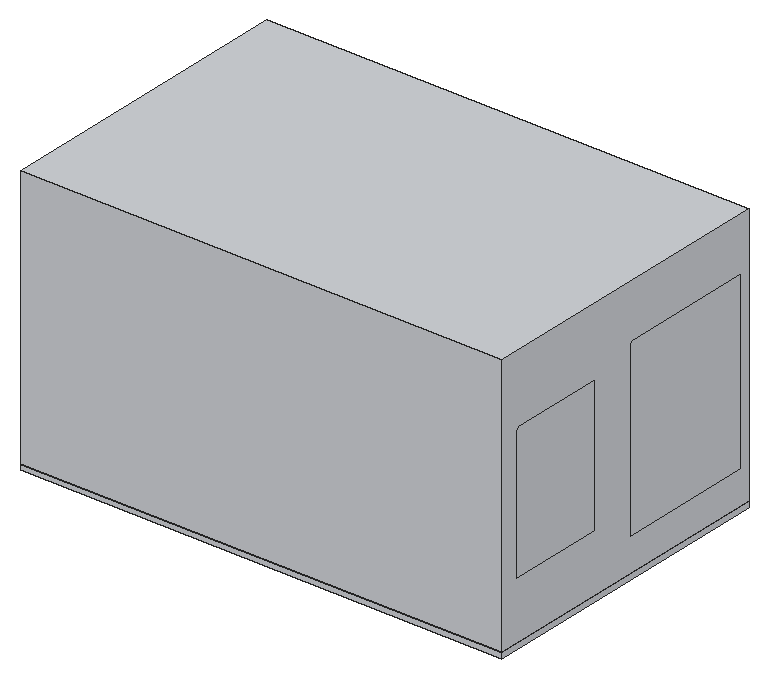
Revit family "AHU 9 _9", category Mechanické zařízení, Revit 2018
Family settings
  Kóta kulaté spojky = Použít průměr
  Typ dílu = Normální
  Číslo OmniClass = 23.75.00.00
  Nadpis OmniClass = Climate Control (HVAC)
  Založené na pracovní rovině = Ne
  Vždy vertikální = Ano
  Ořezat dutým tvarem při načtení = Ne
  Sdílené = Ne
  Bod výpočtu místnosti = Ne
Parameters (values of type "DUPLEXVENT 6500 Multi Eco")
  Width [instance] = 1.6 mm
  Weight [instance] = 572.00 kg
  URL = ""
  Type [instance] = "DUPLEXVENT 6500 Multi Eco"
  Total_SFP [instance] = 0
  Supply_outlet_hum [instance] = 90
  Supply_inlet_hum [instance] = 90
  Supply_ext_pressure [instance] = 0.0 Pa
  Supply_SFP [instance] = 0
  Source_adu_file [instance] = ""
  Recuperation_type [instance] = "Plate heat recovery exchanger"
  Recuperation_efficiency_EN308 [instance] = 0
  Project_name [instance] = ""
  Project_date [instance] = "10.8.2023"
  Power_supply_fusing [instance] = "0"
  Power_supply_cable [instance] = "0"
  Position [instance] = "AHU 9 "
  Phases_count [instance] = 3
  Panel_thickness [instance] = 0.06 mm
  Outer_surface [instance] = "RAL 9002"
  Length [instance] = 2.5 mm
  Insulation_type [instance] = "PUR"
  Insulation_thickness [instance] = 0.05 mm
  Installation_environment [instance] = ""
  Input_power_max [instance] = 6600 W
  Inner_surface [instance] = "Pozink"
  I2 [instance] = I1  # 0.0 L/s
  Height [instance] = 1.39 mm
  Exhaust_outlet_hum [instance] = 0
  Exhaust_inlet_hum [instance] = 40
  Exhaust_ext_pressure [instance] = 0.0 Pa
  Exhaust_SFP [instance] = 0
  E1 [instance] = E2 - M1  # 0.0 L/s
  E2 [instance] = 0.0 L/s
  I1 [instance] = 0.0 L/s
  Description = ""
  M1 [instance] = 0.0 L/s
  Device_dutypoint_version [instance] = "1"
  Device_design_version [instance] = "13"
  Device_adu_id [instance] = "9"
  Current_max [instance] = 10.8 A
  Casing_mat [instance] = "painted zinc layer"
  Cable type [instance] = "CYKY 5Jx2,5"
Reference planes
  plane 1 "Střed (vpředu/vzadu)": y = 0
  plane 2 "ref": z = 0
  plane 3 "Střed (vlevo/vpravo)": x = 0
Forms (mm)
  Sweep 1, solid
    path origin (0, 0, -1360) x (0, 0, 1) y (1, 0, 0)
      loop
        line (0, 0) -> (1360, 0)
    profile origin (0, 0, -1360) x (1, 0, 0) y (0, 1, 0)
      loop
        line (0, 0) -> (2500, 0) -> (2500, 1600) -> (0, 1600) -> (0, 0)
  Sweep 2, solid
    path origin (2499, 350, -710) x (1, 0, 0) y (0, 1, 0)
      loop
        line (0, 0) -> (1, 0)
    profile origin (2499, 350, -710) x (0, 1, 0) y (0, 0, 1)
      loop
        line (250, 350) -> (-250, 350) -> (-250, -350) -> (250, -350) -> (250, 350)
  Sweep 3, solid
    path origin (1, 1190, -735) x (0, 1, 0) y (-1, 0, 0)
      loop
        line (0, 0) -> (0, 1)
    profile origin (1, 1190, -735) x (0, -1, 0) y (0, 0, 1)
      loop
        line (-355, 450) -> (-355, -450) -> (355, -450) -> (355, 450) -> (-355, 450)
  Sweep 4, solid
    path origin (1, 350, -710) x (0, 1, 0) y (-1, 0, 0)
      loop
        line (0, 0) -> (0, 1)
    profile origin (1, 350, -710) x (0, -1, 0) y (0, 0, 1)
      loop
        line (-250, 350) -> (-250, -350) -> (250, -350) -> (250, 350) -> (-250, 350)
  Sweep 5, solid
    path origin (2499, 1190, -735) x (1, 0, 0) y (0, 1, 0)
      loop
        line (0, 0) -> (1, 0)
    profile origin (2499, 1190, -735) x (0, 1, 0) y (0, 0, 1)
      loop
        line (355, 450) -> (-355, 450) -> (-355, -450) -> (355, -450) -> (355, 450)
  Sweep 6, solid
    path origin (2433, 1533, -1360) x (0, -1, 0) y (0, 0, 1)
      loop
        line (0, 0) -> (0, -50)
    profile origin (2433, 1533, -1360) x (-1, 0, 0) y (0, -1, 0)
      loop
        circle (0, 0) r 34
  Sweep 7, solid
    path origin (1151, 1533, -1360) x (0, -1, 0) y (0, 0, 1)
      loop
        line (0, 0) -> (0, -50)
    profile origin (1151, 1533, -1360) x (-1, 0, 0) y (0, -1, 0)
      loop
        circle (0, 0) r 34
  Sweep 8, solid
    path origin (0, 0, -1390) x (0, 0, 1) y (1, 0, 0)
      loop
        line (0, 0) -> (25, 0)
    profile origin (0, 0, -1390) x (1, 0, 0) y (0, 1, 0)
      loop
        line (0, 0) -> (2500, 0) -> (2500, 1600) -> (0, 1600) -> (0, 0)
  Sweep 9, solid
    path origin (0, 0, -1283) x (0, 0, 1) y (1, 0, 0)
      loop
        line (0, 0) -> (305, 0)
    profile origin (0, 0, -1283) x (1, 0, 0) y (0, 1, 0)
      loop
        line (1420, 1600) -> (1825, 1600) -> (1825, 1690) -> (1420, 1690) -> (1420, 1600)
  Sweep 10, solid
    path origin (1420, 1645, -1131) x (0, 0, -1) y (1, 0, 0)
      loop
        line (0, 0) -> (0, -1)
    profile origin (1420, 1645, -1131) x (0, 0, -1) y (0, -1, 0)
      loop
        circle (0, 0) r 10
Lines and regions (mm)
  model lines, style "Symbol"
    curve 1: line (1475, 0, 0) -> (1475, 320, 0)
    curve 2: line (1475, 1600, 0) -> (1475, 1280, 0)
    curve 3: line (0, 800, 0) -> (995, 800, 0)
    curve 4: line (2500, 800, 0) -> (1955, 800, 0)
    curve 5: line (995, 800, 0) -> (1235, 1280, 0)
    curve 6: line (1235, 1280, 0) -> (1715, 1280, 0)
    curve 7: line (1715, 1280, 0) -> (1955, 800, 0)
    curve 8: line (1955, 800, 0) -> (1715, 320, 0)
    curve 9: line (1715, 320, 0) -> (1475, 320, 0)
    curve 10: line (1475, 320, 0) -> (1235, 320, 0)
    curve 11: line (1235, 320, 0) -> (995, 800, 0)
    curve 12: line (352, 1086, 0) -> (96, 1130, 0)
    curve 13: line (352, 1314, 0) -> (96, 1270, 0)
    curve 14: line (2148, 1314, 0) -> (2404, 1270, 0)
    curve 15: line (2148, 1086, 0) -> (2404, 1130, 0)
    curve 16: line (2450, 640, 0) -> (2450, 160, 0)
    curve 17: line (2450, 160, 0) -> (2300, 160, 0)
    curve 18: line (2300, 160, 0) -> (2300, 640, 0)
    curve 19: line (2300, 640, 0) -> (2450, 640, 0)
    curve 20: line (2375, 640, 0) -> (2300, 400, 0)
    curve 21: line (2375, 160, 0) -> (2300, 400, 0)
    curve 22: line (50, 160, 0) -> (50, 640, 0)
    curve 23: line (50, 640, 0) -> (200, 640, 0)
    curve 24: line (200, 640, 0) -> (200, 160, 0)
    curve 25: line (200, 160, 0) -> (50, 160, 0)
    curve 26: line (125, 160, 0) -> (200, 400, 0)
    curve 27: line (125, 640, 0) -> (200, 400, 0)
    curve 28: line (1730, 316, 0) -> (1948, 744, 0)
    curve 29: line (1948, 744, 0) -> (2020, 708, 0)
    curve 30: line (2020, 708, 0) -> (1802, 280, 0)
    curve 31: line (1802, 280, 0) -> (1730, 316, 0)
    curve 32: line (1876, 584, 0) -> (1962, 612, 0)
    curve 33: line (1788, 412, 0) -> (1874, 440, 0)
    curve 34: line (2389, 1533, -1360) -> (2477, 1533, -1360)
    curve 35: line (2433, 1489, -1360) -> (2433, 1577, -1360)
    curve 36: line (1107, 1533, -1360) -> (1195, 1533, -1360)
    curve 37: line (1151, 1489, -1360) -> (1151, 1577, -1360)
    curve 38: line (2500, 0, -2890) -> (2500, 0, -1390)
    curve 39: line (0, 0, -2890) -> (0, 0, -1390)
    curve 40: line (2500, 0, -2890) -> (0, 0, -2890)
    curve 41: line (2500, 1600, -2890) -> (2500, 1600, -1390)
    curve 42: line (0, 1600, -2890) -> (0, 1600, -1390)
    curve 43: line (2500, 1600, -2890) -> (0, 1600, -2890)
    curve 44: line (2500, 0, -2890) -> (2500, 1600, -2890)
    curve 45: line (0, 0, -2890) -> (0, 1600, -2890)
    curve 46: line (2500, 1400, -2890) -> (2300, 1600, -2890)
    curve 47: line (2500, 1200, -2890) -> (2100, 1600, -2890)
    curve 48: line (2500, 1000, -2890) -> (1900, 1600, -2890)
    curve 49: line (2500, 800, -2890) -> (1700, 1600, -2890)
    curve 50: line (2500, 600, -2890) -> (1500, 1600, -2890)
    curve 51: line (2500, 400, -2890) -> (1300, 1600, -2890)
    curve 52: line (2500, 200, -2890) -> (1100, 1600, -2890)
    curve 53: line (2500, 0, -2890) -> (900, 1600, -2890)
    curve 54: line (2300, 0, -2890) -> (700, 1600, -2890)
    curve 55: line (2100, 0, -2890) -> (500, 1600, -2890)
    curve 56: line (1900, 0, -2890) -> (300, 1600, -2890)
    curve 57: line (1700, 0, -2890) -> (100, 1600, -2890)
    curve 58: line (1500, 0, -2890) -> (0, 1500, -2890)
    curve 59: line (1300, 0, -2890) -> (0, 1300, -2890)
    curve 60: line (1100, 0, -2890) -> (0, 1100, -2890)
    curve 61: line (900, 0, -2890) -> (0, 900, -2890)
    curve 62: line (700, 0, -2890) -> (0, 700, -2890)
    curve 63: line (500, 0, -2890) -> (0, 500, -2890)
    curve 64: line (300, 0, -2890) -> (0, 300, -2890)
    curve 65: line (100, 0, -2890) -> (0, 100, -2890)
    curve 66: line (0, 1400, -2890) -> (0, 1600, -2690)
    curve 67: line (0, 1200, -2890) -> (0, 1600, -2490)
    curve 68: line (0, 1000, -2890) -> (0, 1600, -2290)
    curve 69: line (0, 800, -2890) -> (0, 1600, -2090)
    curve 70: line (0, 600, -2890) -> (0, 1600, -1890)
    curve 71: line (0, 400, -2890) -> (0, 1600, -1690)
    curve 72: line (0, 200, -2890) -> (0, 1600, -1490)
    curve 73: line (0, 0, -2890) -> (0, 1500, -1390)
    curve 74: line (0, 0, -2690) -> (0, 1300, -1390)
    curve 75: line (0, 0, -2490) -> (0, 1100, -1390)
    curve 76: line (0, 0, -2290) -> (0, 900, -1390)
    curve 77: line (0, 0, -2090) -> (0, 700, -1390)
    curve 78: line (0, 0, -1890) -> (0, 500, -1390)
    curve 79: line (0, 0, -1690) -> (0, 300, -1390)
    curve 80: line (0, 0, -1490) -> (0, 100, -1390)
    curve 81: line (2500, 1600, -2690) -> (2300, 1600, -2890)
    curve 82: line (2500, 1600, -2490) -> (2100, 1600, -2890)
    curve 83: line (2500, 1600, -2290) -> (1900, 1600, -2890)
    curve 84: line (2500, 1600, -2090) -> (1700, 1600, -2890)
    curve 85: line (2500, 1600, -1890) -> (1500, 1600, -2890)
    curve 86: line (2500, 1600, -1690) -> (1300, 1600, -2890)
    curve 87: line (2500, 1600, -1490) -> (1100, 1600, -2890)
    curve 88: line (2400, 1600, -1390) -> (900, 1600, -2890)
    curve 89: line (2200, 1600, -1390) -> (700, 1600, -2890)
    curve 90: line (2000, 1600, -1390) -> (500, 1600, -2890)
    curve 91: line (1800, 1600, -1390) -> (300, 1600, -2890)
    curve 92: line (1600, 1600, -1390) -> (100, 1600, -2890)
    curve 93: line (1400, 1600, -1390) -> (0, 1600, -2790)
    curve 94: line (1200, 1600, -1390) -> (0, 1600, -2590)
    curve 95: line (1000, 1600, -1390) -> (0, 1600, -2390)
    curve 96: line (800, 1600, -1390) -> (0, 1600, -2190)
    curve 97: line (600, 1600, -1390) -> (0, 1600, -1990)
    curve 98: line (400, 1600, -1390) -> (0, 1600, -1790)
    curve 99: line (200, 1600, -1390) -> (0, 1600, -1590)
    curve 100: line (0, 2320, 0) -> (0, 1600, 0)
    curve 101: line (2500, 2320, 0) -> (2500, 1600, 0)
    curve 102: line (0, 2320, 0) -> (2500, 2320, 0)
    curve 103: line (0, 2320, -1360) -> (0, 1600, -1360)
    curve 104: line (2500, 2320, -1360) -> (2500, 1600, -1360)
    curve 105: line (0, 2320, -1360) -> (2500, 2320, -1360)
    curve 106: line (0, 2320, 0) -> (0, 2320, -1360)
    curve 107: line (2500, 2320, 0) -> (2500, 2320, -1360)
    curve 108: line (0, 2320, -1160) -> (200, 2320, -1360)
    curve 109: line (0, 2320, -960) -> (400, 2320, -1360)
    curve 110: line (0, 2320, -760) -> (600, 2320, -1360)
    curve 111: line (0, 2320, -560) -> (800, 2320, -1360)
    curve 112: line (0, 2320, -360) -> (1000, 2320, -1360)
    curve 113: line (0, 2320, -160) -> (1200, 2320, -1360)
    curve 114: line (40, 2320, 0) -> (1400, 2320, -1360)
    curve 115: line (240, 2320, 0) -> (1600, 2320, -1360)
    curve 116: line (440, 2320, 0) -> (1800, 2320, -1360)
    curve 117: line (640, 2320, 0) -> (2000, 2320, -1360)
    curve 118: line (840, 2320, 0) -> (2200, 2320, -1360)
    curve 119: line (1040, 2320, 0) -> (2400, 2320, -1360)
    curve 120: line (1240, 2320, 0) -> (2500, 2320, -1260)
    curve 121: line (1440, 2320, 0) -> (2500, 2320, -1060)
    curve 122: line (1640, 2320, 0) -> (2500, 2320, -860)
    curve 123: line (1840, 2320, 0) -> (2500, 2320, -660)
    curve 124: line (2040, 2320, 0) -> (2500, 2320, -460)
    curve 125: line (2240, 2320, 0) -> (2500, 2320, -260)
    curve 126: line (2440, 2320, 0) -> (2500, 2320, -60)
    curve 127: line (2500, 2320, -1160) -> (2500, 2120, -1360)
    curve 128: line (2500, 2320, -960) -> (2500, 1920, -1360)
    curve 129: line (2500, 2320, -760) -> (2500, 1720, -1360)
    curve 130: line (2500, 2320, -560) -> (2500, 1600, -1280)
    curve 131: line (2500, 2320, -360) -> (2500, 1600, -1080)
    curve 132: line (2500, 2320, -160) -> (2500, 1600, -880)
    curve 133: line (2500, 2280, 0) -> (2500, 1600, -680)
    curve 134: line (2500, 2080, 0) -> (2500, 1600, -480)
    curve 135: line (2500, 1880, 0) -> (2500, 1600, -280)
    curve 136: line (2500, 1680, 0) -> (2500, 1600, -80)
    curve 137: line (0, 2120, -1360) -> (200, 2320, -1360)
    curve 138: line (0, 1920, -1360) -> (400, 2320, -1360)
    curve 139: line (0, 1720, -1360) -> (600, 2320, -1360)
    curve 140: line (80, 1600, -1360) -> (800, 2320, -1360)
    curve 141: line (280, 1600, -1360) -> (1000, 2320, -1360)
    curve 142: line (480, 1600, -1360) -> (1200, 2320, -1360)
    curve 143: line (680, 1600, -1360) -> (1400, 2320, -1360)
    curve 144: line (880, 1600, -1360) -> (1600, 2320, -1360)
    curve 145: line (1080, 1600, -1360) -> (1800, 2320, -1360)
    curve 146: line (1280, 1600, -1360) -> (2000, 2320, -1360)
    curve 147: line (1480, 1600, -1360) -> (2200, 2320, -1360)
    curve 148: line (1680, 1600, -1360) -> (2400, 2320, -1360)
    curve 149: line (1880, 1600, -1360) -> (2500, 2220, -1360)
    curve 150: line (2080, 1600, -1360) -> (2500, 2020, -1360)
    curve 151: line (2280, 1600, -1360) -> (2500, 1820, -1360)
    curve 152: line (2480, 1600, -1360) -> (2500, 1620, -1360)
    curve 153: line (0, 0, -1365) -> (0, 1600, -1365)
    curve 154: line (0, 1600, -1365) -> (1120, 1600, -1365)
    curve 155: line (1120, 1600, -1365) -> (1120, 0, -1365)
    curve 156: line (1120, 0, -1365) -> (0, 0, -1365)
    curve 157: line (1380, 0, -1365) -> (1380, 1600, -1365)
    curve 158: line (1380, 1600, -1365) -> (2500, 1600, -1365)
    curve 159: line (2500, 1600, -1365) -> (2500, 0, -1365)
    curve 160: line (2500, 0, -1365) -> (1380, 0, -1365)
    curve 161: line (0, 0, -1365) -> (2500, 0, -1365)
    curve 162: line (0, 1600, -1365) -> (2500, 1600, -1365)
    curve 163: line (0, 0, -1365) -> (0, 1600, -1365)
    curve 164: line (2500, 0, -1365) -> (2500, 1600, -1365)
    curve 165: line (0, 0, -1365) -> (0, 0, -1390)
    curve 166: line (2500, 0, -1365) -> (2500, 0, -1390)
    curve 167: line (0, 1600, -1365) -> (0, 1600, -1390)
    curve 168: line (2500, 1600, -1365) -> (2500, 1600, -1390)
    curve 169: line (42, 1651, 0) -> (91, 1651, 0)
    curve 170: line (91, 1651, 0) -> (91, 1601, 0)
    curve 171: line (91, 1601, 0) -> (42, 1601, 0)
    curve 172: line (42, 1601, 0) -> (42, 1651, 0)
    curve 173: line (42, 1601, -150) -> (42, 1601, 0)
    curve 174: line (42, 1601, 0) -> (91, 1601, 0)
    curve 175: line (91, 1601, 0) -> (91, 1601, -150)
    curve 176: line (91, 1601, -150) -> (42, 1601, -150)
    curve 177: line (42, 1613, -150) -> (42, 1651, 0)
    curve 178: line (42, 1651, 0) -> (42, 1601, 0)
    curve 179: line (42, 1601, 0) -> (42, 1601, -150)
    curve 180: line (42, 1601, -150) -> (42, 1613, -150)
    curve 181: line (91, 1613, -150) -> (91, 1651, 0)
    curve 182: line (91, 1651, 0) -> (91, 1601, 0)
    curve 183: line (91, 1601, 0) -> (91, 1601, -150)
    curve 184: line (91, 1601, -150) -> (91, 1613, -150)
    curve 185: line (91, -51, 0) -> (42, -51, 0)
    curve 186: line (42, -51, 0) -> (42, -1, 0)
    curve 187: line (42, -1, 0) -> (91, -1, 0)
    curve 188: line (91, -1, 0) -> (91, -51, 0)
    curve 189: line (91, -1, -150) -> (91, -1, 0)
    curve 190: line (91, -1, 0) -> (42, -1, 0)
    curve 191: line (42, -1, 0) -> (42, -1, -150)
    curve 192: line (42, -1, -150) -> (91, -1, -150)
    curve 193: line (91, -13, -150) -> (91, -51, 0)
    curve 194: line (91, -51, 0) -> (91, -1, 0)
    curve 195: line (91, -1, 0) -> (91, -1, -150)
    curve 196: line (91, -1, -150) -> (91, -13, -150)
    curve 197: line (42, -13, -150) -> (42, -51, 0)
    curve 198: line (42, -51, 0) -> (42, -1, 0)
    curve 199: line (42, -1, 0) -> (42, -1, -150)
    curve 200: line (42, -1, -150) -> (42, -13, -150)
    curve 201: line (2458, -51, 0) -> (2409, -51, 0)
    curve 202: line (2409, -51, 0) -> (2409, -1, 0)
    curve 203: line (2409, -1, 0) -> (2458, -1, 0)
    curve 204: line (2458, -1, 0) -> (2458, -51, 0)
    curve 205: line (2458, -1, -150) -> (2458, -1, 0)
    curve 206: line (2458, -1, 0) -> (2409, -1, 0)
    curve 207: line (2409, -1, 0) -> (2409, -1, -150)
    curve 208: line (2409, -1, -150) -> (2458, -1, -150)
    curve 209: line (2458, -13, -150) -> (2458, -51, 0)
    curve 210: line (2458, -51, 0) -> (2458, -1, 0)
    curve 211: line (2458, -1, 0) -> (2458, -1, -150)
    curve 212: line (2458, -1, -150) -> (2458, -13, -150)
    curve 213: line (2409, -13, -150) -> (2409, -51, 0)
    curve 214: line (2409, -51, 0) -> (2409, -1, 0)
    curve 215: line (2409, -1, 0) -> (2409, -1, -150)
    curve 216: line (2409, -1, -150) -> (2409, -13, -150)
    curve 217: line (2409, 1651, 0) -> (2458, 1651, 0)
    curve 218: line (2458, 1651, 0) -> (2458, 1601, 0)
    curve 219: line (2458, 1601, 0) -> (2409, 1601, 0)
    curve 220: line (2409, 1601, 0) -> (2409, 1651, 0)
    curve 221: line (2409, 1601, -150) -> (2409, 1601, 0)
    curve 222: line (2409, 1601, 0) -> (2458, 1601, 0)
    curve 223: line (2458, 1601, 0) -> (2458, 1601, -150)
    curve 224: line (2458, 1601, -150) -> (2409, 1601, -150)
    curve 225: line (2409, 1613, -150) -> (2409, 1651, 0)
    curve 226: line (2409, 1651, 0) -> (2409, 1601, 0)
    curve 227: line (2409, 1601, 0) -> (2409, 1601, -150)
    curve 228: line (2409, 1601, -150) -> (2409, 1613, -150)
    curve 229: line (2458, 1613, -150) -> (2458, 1651, 0)
    curve 230: line (2458, 1651, 0) -> (2458, 1601, 0)
    curve 231: line (2458, 1601, 0) -> (2458, 1601, -150)
    curve 232: line (2458, 1601, -150) -> (2458, 1613, -150)
    curve 233: line (1225, 1651, 0) -> (1275, 1651, 0)
    curve 234: line (1275, 1651, 0) -> (1275, 1601, 0)
    curve 235: line (1275, 1601, 0) -> (1225, 1601, 0)
    curve 236: line (1225, 1601, 0) -> (1225, 1651, 0)
    curve 237: line (1225, 1601, -150) -> (1225, 1601, 0)
    curve 238: line (1225, 1601, 0) -> (1275, 1601, 0)
    curve 239: line (1275, 1601, 0) -> (1275, 1601, -150)
    curve 240: line (1275, 1601, -150) -> (1225, 1601, -150)
    curve 241: line (1225, 1613, -150) -> (1225, 1651, 0)
    curve 242: line (1225, 1651, 0) -> (1225, 1601, 0)
    curve 243: line (1225, 1601, 0) -> (1225, 1601, -150)
    curve 244: line (1225, 1601, -150) -> (1225, 1613, -150)
    curve 245: line (1275, 1613, -150) -> (1275, 1651, 0)
    curve 246: line (1275, 1651, 0) -> (1275, 1601, 0)
    curve 247: line (1275, 1601, 0) -> (1275, 1601, -150)
    curve 248: line (1275, 1601, -150) -> (1275, 1613, -150)
    curve 249: line (-50, 775, 0) -> (-50, 825, 0)
    curve 250: line (-50, 825, 0) -> (0, 825, 0)
    curve 251: line (0, 825, 0) -> (0, 775, 0)
    curve 252: line (0, 775, 0) -> (-50, 775, 0)
    curve 253: line (0, 775, -150) -> (0, 775, 0)
    curve 254: line (0, 775, 0) -> (0, 825, 0)
    curve 255: line (0, 825, 0) -> (0, 825, -150)
    curve 256: line (0, 825, -150) -> (0, 775, -150)
    curve 257: line (-13, 775, -150) -> (-50, 775, 0)
    curve 258: line (-50, 775, 0) -> (0, 775, 0)
    curve 259: line (0, 775, 0) -> (0, 775, -150)
    curve 260: line (0, 775, -150) -> (-13, 775, -150)
    curve 261: line (-13, 825, -150) -> (-50, 825, 0)
    curve 262: line (-50, 825, 0) -> (0, 825, 0)
    curve 263: line (0, 825, 0) -> (0, 825, -150)
    curve 264: line (0, 825, -150) -> (-13, 825, -150)
    curve 265: line (1275, -51, 0) -> (1225, -51, 0)
    curve 266: line (1225, -51, 0) -> (1225, -1, 0)
    curve 267: line (1225, -1, 0) -> (1275, -1, 0)
    curve 268: line (1275, -1, 0) -> (1275, -51, 0)
    curve 269: line (1275, -1, -150) -> (1275, -1, 0)
    curve 270: line (1275, -1, 0) -> (1225, -1, 0)
    curve 271: line (1225, -1, 0) -> (1225, -1, -150)
    curve 272: line (1225, -1, -150) -> (1275, -1, -150)
    curve 273: line (1275, -13, -150) -> (1275, -51, 0)
    curve 274: line (1275, -51, 0) -> (1275, -1, 0)
    curve 275: line (1275, -1, 0) -> (1275, -1, -150)
    curve 276: line (1275, -1, -150) -> (1275, -13, -150)
    curve 277: line (1225, -13, -150) -> (1225, -51, 0)
    curve 278: line (1225, -51, 0) -> (1225, -1, 0)
    curve 279: line (1225, -1, 0) -> (1225, -1, -150)
    curve 280: line (1225, -1, -150) -> (1225, -13, -150)
    curve 281: line (2550, 825, 0) -> (2550, 775, 0)
    curve 282: line (2550, 775, 0) -> (2500, 775, 0)
    curve 283: line (2500, 775, 0) -> (2500, 825, 0)
    curve 284: line (2500, 825, 0) -> (2550, 825, 0)
    curve 285: line (2500, 825, -150) -> (2500, 825, 0)
    curve 286: line (2500, 825, 0) -> (2500, 775, 0)
    curve 287: line (2500, 775, 0) -> (2500, 775, -150)
    curve 288: line (2500, 775, -150) -> (2500, 825, -150)
    curve 289: line (2513, 825, -150) -> (2550, 825, 0)
    curve 290: line (2550, 825, 0) -> (2500, 825, 0)
    curve 291: line (2500, 825, 0) -> (2500, 825, -150)
    curve 292: line (2500, 825, -150) -> (2513, 825, -150)
    curve 293: line (2513, 775, -150) -> (2550, 775, 0)
    curve 294: line (2550, 775, 0) -> (2500, 775, 0)
    curve 295: line (2500, 775, 0) -> (2500, 775, -150)
    curve 296: line (2500, 775, -150) -> (2513, 775, -150)
    curve 297: circle (240, 1200, 0) r 160 normal (0, 0, 1)
    curve 298: circle (2260, 1200, 0) r 160 normal (0, 0, 1)
    curve 299: circle (1919, 598, 0) r 12 normal (0, 0, 1)
    curve 300: circle (1831, 426, 0) r 12 normal (0, 0, 1)
    curve 301: circle (2433, 1533, -1360) r 34 normal (0, 0, 1)
    curve 302: circle (1151, 1533, -1360) r 34 normal (0, 0, 1)
    curve 303: circle (67, 1626, 0) r 5 normal (0, 0, 1)
    curve 304: circle (67, -26, 0) r 5 normal (0, 0, 1)
    curve 305: circle (2434, -26, 0) r 5 normal (0, 0, 1)
    curve 306: circle (2434, 1626, 0) r 5 normal (0, 0, 1)
    curve 307: circle (1250, 1626, 0) r 5 normal (0, 0, 1)
    curve 308: circle (-25, 800, 0) r 5 normal (0, 0, 1)
    curve 309: circle (1250, -26, 0) r 5 normal (0, 0, 1)
    curve 310: circle (2525, 800, 0) r 5 normal (0, 0, 1)
Dimensions and locks
  aligned and locked: level to plane 2 "ref"
Connectors
  hvac at (2500, 350, -710), driven by "E1"
    settings: on Sweep 2, index 1, duct flow 0.0 L/s, flow factor 0, pres drop 0.0 Pa, loss coef 0, conn angle 0.00°, conn width 500 mm, conn height 700 mm, conn diameter 609.6 mm, duct sys type 1, conn prof type 1, flow config 1, flow direction 1, loss method 0, conn ref index -1, conn util no, is conn primary yes, conn desc ""
  hvac at (0, 1190, -735), driven by "E2"
    settings: on Sweep 3, index 2, duct flow 0.0 L/s, flow factor 1, pres drop 0.0 Pa, loss coef 0, conn angle 0.00°, conn width 710 mm, conn height 900 mm, conn diameter 609.6 mm, duct sys type 1, conn prof type 1, flow config 2, flow direction 2, loss method 0, conn ref index -1, conn util no, is conn primary no, conn desc ""
  hvac at (0, 350, -710), driven by "I1"
    settings: on Sweep 4, index 3, duct flow 0.0 L/s, flow factor 1, pres drop 0.0 Pa, loss coef 0, conn angle 0.00°, conn width 500 mm, conn height 700 mm, conn diameter 609.6 mm, duct sys type 3, conn prof type 1, flow config 2, flow direction 1, loss method 0, conn ref index -1, conn util no, is conn primary no, conn desc ""
  hvac at (2500, 1190, -735), driven by "I2"
    settings: on Sweep 5, index 4, duct flow 0.0 L/s, flow factor 0, pres drop 0.0 Pa, loss coef 0, conn angle 0.00°, conn width 710 mm, conn height 900 mm, conn diameter 609.6 mm, duct sys type 3, conn prof type 1, flow config 1, flow direction 2, loss method 0, conn ref index -1, conn util no, is conn primary no, conn desc ""
  piping at (2433, 1533, -1410), diameter 40
    settings: on Sweep 6, index 5, connector inside diameter 609.6 mm, connector length 0 mm, flow factor 0, pipe flow 0.0 L/s, pressure drop 0.0 Pa, fitting loss kfactor 0, connector angle 0.00°, fixture units 0, engagement length 0 mm, angle of deflection 0.00°, flow configuration 1, flow direction 2, fitting loss method 0, system type 16, joint type 0, gender type 0, connector reference index -1, connector utility 0, adjustable connector no, is connector primary yes, connector description ""
  piping at (1151, 1533, -1410), diameter 40
    settings: on Sweep 7, index 6, connector inside diameter 609.6 mm, connector length 0 mm, flow factor 0, pipe flow 0.0 L/s, pressure drop 0.0 Pa, fitting loss kfactor 0, connector angle 0.00°, fixture units 0, engagement length 0 mm, angle of deflection 0.00°, flow configuration 1, flow direction 2, fitting loss method 0, system type 16, joint type 0, gender type 0, connector reference index -1, connector utility 0, adjustable connector no, is connector primary no, connector description ""
  electrical at (1419, 1645, -1131)
    settings: on Sweep 10, index 7, voltage 400 V, apparent load 0 VA, apparent load phase1 0 VA, apparent load phase2 0 VA, apparent load phase3 0 VA, power factor 1, load classification "Další", number of poles 3, system type 31, power factor state 1, is connector primary yes, connector utility no, sub classification motor no, connector description ""
